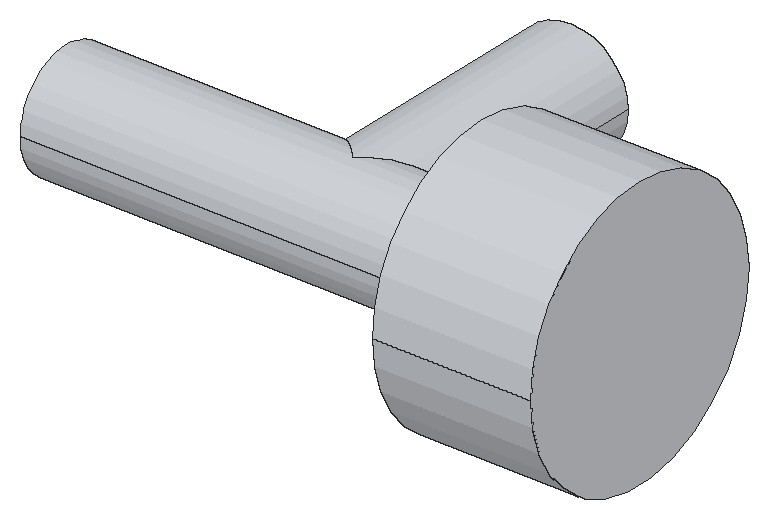
Revit family "ee2c389a885e4bd2ad3184dc8d253cf2", category Pipe Accessories, Revit 2021
Family settings
  Round Connector Dimension = Use Radius
  Part Type = Valve - Normal
  OmniClass Number = 23.65.55.14.21
  OmniClass Title = Non-Return Valves for Liquid Services
  Seek Item ID = Vacuum Breaker Backflow Valve - 0.5-2 Inch-0000-USA-ENU
  Work Plane-Based = No
  Always vertical = Yes
  Cut with Voids When Loaded = No
  Shared = No
Parameters (values of type "1/2"")
  Valve Material = none
  Symbol Visibility 2 = not(C2 Offset 2 - Length 1 = 0' 0")  # yes
  Symbol Visibility 1 = not(C2 Offset 1 - Length 1 = 0' 0")  # no
  Pressure Drop [instance] = 6.00 psi
  Overall Height = 0' - 2 1/2"
  Nominal Radius = 1/4"
  Nominal Diameter = Nominal Radius * 2  # 1/2"
  Length 3 = if(C2 Offset 2 - Length 1 = 0' 0", 0' 0 1/4", C2 Offset 2 - Length 1)  # 0' - 0 1/16"
  Length 2 = if(C2 Offset 1 - Length 1 = 0' 0", 0' 0 1/4", C2 Offset 1 - Length 1)  # 0' - 0 1/4"
  Length 1 = if(C2 Offset 1 > C2 Offset 2, C2 Offset 2, C2 Offset 1)  # 0' - 1 3/16"
  Hood Radius = 0' - 0 19/32"
  Hood Height = 0' - 1 13/16"
  Default Elevation = 0' - 0"
  C2 Offset 2 = 0' - 1 1/4"
  C2 Offset 1 = 0' - 1 3/16"
Types (6): name | Symbol Visibility 2 | Symbol Visibility 1 | Pressure Drop | Overall Height | Nominal Radius | Nominal Diameter | Length 3 | Length 2 | Length 1 | Hood Radius | Hood Height | C2 Offset 2 | C2 Offset 1
  1/2" | yes | no | 6.00 psi | 0' - 2 1/2" | 1/4" | 1/2" | 0' - 0 1/16" | 0' - 0 1/4" | 0' - 1 3/16" | 0' - 0 19/32" | 0' - 1 13/16" | 0' - 1 1/4" | 0' - 1 3/16"
  3/4" | no | yes | 5.00 psi | 0' - 3 1/16" | 3/8" | 3/4" | 0' - 0 1/4" | 0' - 0 3/16" | 0' - 1 5/16" | 0' - 1 1/16" | 0' - 2 3/16" | 0' - 1 5/16" | 0' - 1 1/2"
  1" | no | yes | 3.00 psi | 0' - 4 1/8" | 1/2" | 1" | 0' - 0 1/4" | 0' - 0 1/8" | 0' - 1 3/4" | 0' - 1 7/16" | 0' - 2 7/8" | 0' - 1 3/4" | 0' - 1 7/8"
  1 1/4" | no | no | 3.00 psi | 0' - 4 3/8" | 5/8" | 1 1/4" | 0' - 0 1/4" | 0' - 0 1/4" | 0' - 2" | 0' - 1 7/8" | 0' - 3 3/16" | 0' - 2" | 0' - 2"
  1 1/2" | yes | no | 3.00 psi | 0' - 4 3/8" | 3/4" | 1 1/2" | 0' - 0 1/8" | 0' - 0 1/4" | 0' - 1 7/8" | 0' - 1 7/8" | 0' - 3 3/16" | 0' - 2" | 0' - 1 7/8"
  2" | no | yes | 4.20 psi | 0' - 4 1/2" | 1" | 2" | 0' - 0 1/4" | 0' - 0 1/8" | 0' - 2 1/8" | 0' - 1 7/8" | 0' - 3 5/16" | 0' - 2 1/8" | 0' - 2 1/4"
Reference planes (in)
  plane 1 "Center (Front/Back)": y = 0
  plane 2: z = 0
  plane 3 "Center (Left/Right)": x = 0
  plane 4: x = -1.25
  plane 5: y = 1.1875
  plane 6: x = 1.25
  plane 7: x = 0.5625
  plane 8: x = -1.1875
  plane 9: x = 1.1875
  plane 10: y = 1.1875
  plane 11: y = -1.1875
Forms (in)
  Extrusion 1, solid, material <- "Valve Material", detail levels fine
    sketch origin (0, 0, 0) x (0, 1, 0) y (0, 0, 1)
      loop
        circle (0, 0) r 0.25
    from -1.25 to 0.5625
  Extrusion 2, solid, material <- "Valve Material", detail levels fine
    sketch origin (0, 0, 0) x (0, 1, 0) y (0, 0, 1)
      loop
        circle (0, 0) r 0.59375
    from 0.5625 to 1.25
  Extrusion 3, solid, material <- "Valve Material", detail levels fine
    sketch origin (-8.71327, 1.1875, 48) x (-1, 0, 0) y (0, 0, 1)
      loop
        circle (-8.71327, -48) r 0.25
    from -1.1875 to 0
Cuts and joins
  joined: Extrusion 1, Extrusion 2, Extrusion 3
Lines and regions (in)
  model lines, detail levels coarse+medium
    curve 1: line (-1.1875, 1.1875, 0) -> (1.1875, 1.1875, 0)
    curve 2: line (-1.1875, -1.1875, 0) -> (-1.1875, 1.1875, 0)
    curve 3: line (1.1875, -1.1875, 0) -> (-1.1875, -1.1875, 0)
    curve 4: line (1.1875, 1.1875, 0) -> (1.1875, -1.1875, 0)
    curve 5: line (-1.1875, 1.1875, 0) -> (1.1875, -1.1875, 0)
    curve 6: line (-1.1875, -1.1875, 0) -> (1.1875, 1.1875, 0)
  model lines, visible <- "Symbol Visibility 2", detail levels coarse+medium
    curve 7: line (-1.1875, 0, 0) -> (-1.25, 0, 0)
  model lines, visible <- "Symbol Visibility 1", detail levels coarse+medium
    curve 8: line (0, 1.1875, 0) -> (0, 1.4375, 0)
Dimensions and locks (in)
  "C2 Offset 2": plane 4 to plane 3 "Center (Left/Right)"
  "C2 Offset 1": plane 5 to plane 1 "Center (Front/Back)"
  "Overall Height": plane 4 to plane 6
  "Hood Height": plane 4 to plane 7
  "Length 1": plane 8 to plane 3 "Center (Left/Right)"
  "Length 1": plane 3 "Center (Left/Right)" to plane 9
  "Length 1": plane 10 to plane 1 "Center (Front/Back)"
  "Length 1": plane 11 to plane 1 "Center (Front/Back)"
  "Length 3": curve 7 to curve 7
  "Length 2": curve 8 to curve 8
  "Nominal Radius": radius of Extrusion 1 sketch curve
  "Hood Radius": radius of Extrusion 2 sketch curve
  "Nominal Radius": radius of Extrusion 3 sketch curve
  aligned and locked: plane 1 "Center (Front/Back)" to Extrusion 1 sketch curve
  aligned and locked: plane 2 to Extrusion 1 sketch curve
  aligned and locked: Extrusion 1 to plane 4
  aligned and locked: plane 7 to Extrusion 1
  aligned and locked: plane 1 "Center (Front/Back)" to Extrusion 2 sketch curve
  aligned and locked: plane 2 to Extrusion 2 sketch curve
  aligned and locked: Extrusion 2 to plane 7
  aligned and locked: plane 6 to Extrusion 2
  aligned and locked: plane 3 "Center (Left/Right)" to Extrusion 3 sketch curve
  aligned and locked: plane 2 to Extrusion 3 sketch curve
  aligned and locked: plane 5 to Extrusion 3
  aligned and locked: plane 1 "Center (Front/Back)" to Extrusion 3
  aligned and locked: curve 1 to plane 10
  aligned and locked: curve 3 to plane 11
  aligned and locked: plane 9 to curve 4
  aligned and locked: plane 8 to curve 5
  aligned and locked: plane 9 to curve 5
  aligned and locked: plane 11 to curve 6
  aligned and locked: plane 8 to curve 7
  aligned and locked: curve 7 to plane 1 "Center (Front/Back)"
  aligned and locked: plane 10 to curve 8
  aligned and locked: plane 3 "Center (Left/Right)" to curve 8
Connectors (in)
  piping at (-1.25, 0, 0), diameter 0.5, driven by "Nominal Radius"
    settings: on cut or joined group of Extrusion 1, Extrusion 2, Extrusion 3, index 1, connector inside diameter 1/2", connector length 0' - 0", flow factor 0, pipe flow 0 GPM, pressure drop 0.00 psi, fitting loss kfactor 0, connector angle 0.00°, fixture units 0, engagement length 0' - 0", angle of deflection 0.00°, flow configuration 0, flow direction 0, fitting loss method 4, system type 29, joint type 0, gender type 0, connector reference index 2, connector utility 0, adjustable connector no, is connector primary yes, connector description "In"
  piping at (0, 1.1875, 0), diameter 0.5, driven by "Nominal Radius", driven by "Pressure Drop"
    settings: on cut or joined group of Extrusion 1, Extrusion 2, Extrusion 3, index 2, connector inside diameter 1/2", connector length 0' - 0", flow factor 0, pipe flow 0 GPM, pressure drop 6.00 psi, fitting loss kfactor 0, connector angle 0.00°, fixture units 0, engagement length 0' - 0", angle of deflection 0.00°, flow configuration 0, flow direction 0, fitting loss method 4, system type 29, joint type 0, gender type 0, connector reference index 1, connector utility 0, adjustable connector no, is connector primary no, connector description "Out"
